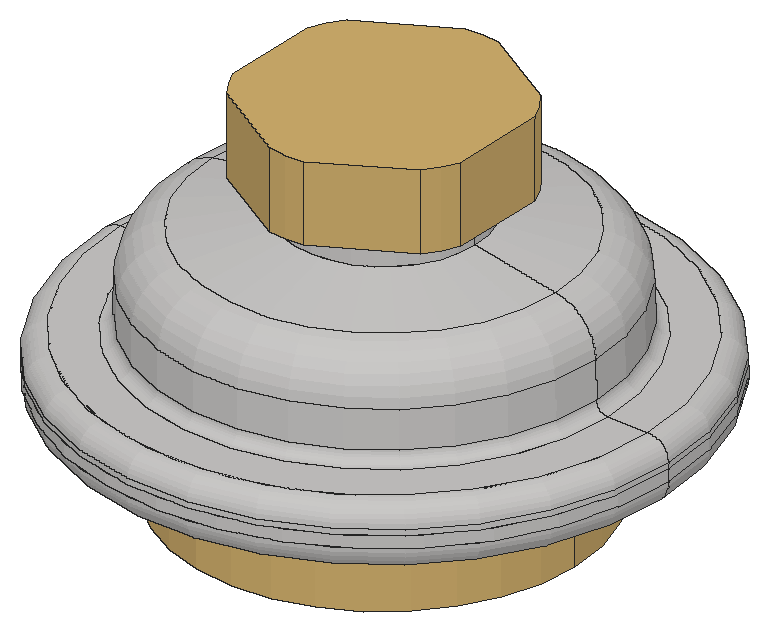
Revit family "AVQ(M) Actuator_Return_PN25_RFA", category Pipe Accessories, Revit 2019
Family settings
  Round Connector Dimension = Use Diameter
  Part Type = Normal
  OmniClass Number = 23.65.55.14.17
  OmniClass Title = Adjusting/Controlling Valves for Liquid Services
  Work Plane-Based = No
  Always vertical = Yes
  Cut with Voids When Loaded = No
  Shared = No
Parameters (values of type "AVQ(M) Actuator_Return_PN25_dP0.2 bar_003H6841")
  x [instance] = 0.5 mm
  URL = "https://store.danfoss.com/en/Climate-Solutions-for-heating/Pressure-and-Flow-Controllers/Accessories-for-pressure-and-flow-controllers/Actuators-and-adjustment-parts%2C-For-product-type%3A-AVP-F%2C-AVQ%2C-AVQM%2C-Mounting-version%3A-Return/p/003H6841"
  Nominal Pressure = "PN 25"  # constant formula
  Model Type = "AVQ(M) Actuator_Return_PN25_dP0.2 bar"  # constant formula
  Model = "003H6841"  # constant formula
  Manufacturer = "Danfoss"  # constant formula
  LOD 350 [instance] = not(LOD 200)  # yes
  LOD 200 [instance] = no
  IfcExportType = "AVQ(M)"  # constant formula
  IfcExportAs = "IfcValveType"  # constant formula
  Differential Pressure Setting = "0.2 bar"  # constant formula
  Description = "Spring Actuator"  # constant formula
  Body Material = Danfoss Stainless Steel
  Actuator size = 54.0 cm²  # constant formula
Reference planes
  plane 1 "Center (Front/Back)": y = 0
  plane 2: z = 0
  plane 3 "Center (Left/Right)": x = 0
  plane 4: z = -2.5
  plane 5: z = 30.2
  plane 6: z = -19
  plane 7: x = 135.797
  plane 8: z = -79.22
  plane 9: z = -35.009
  plane 10: through (0, 0, -35.009) normal (0.5, -0.5, -0.7071)
Forms (mm)
  Extrusion 1, solid, material "Danfoss Brass (DZR)", visible <- "LOD 350", detail levels fine
    sketch origin (0, 0, 0) x (1, 0, 0) y (0, 1, 0)
      loop
        line (21.288, 16.548) -> (3.613, 26.727)
        arc (3.613, 26.727) -> (-0.055, 27.069) -> (-3.723, 26.719) r 19.648
        line (-3.723, 26.719) -> (-21.376, 16.502)
        arc (-21.376, 16.502) -> (-23.472, 13.477) -> (-25.037, 10.145) r 22.11
        line (-25.037, 10.145) -> (-25.016, -10.251)
        arc (-25.016, -10.251) -> (-23.391, -13.549) -> (-21.341, -16.601) r 27.516
        line (-21.341, -16.601) -> (-3.666, -26.78)
        arc (-3.666, -26.78) -> (0.002, -27.069) -> (3.67, -26.772) r 23.157
        line (3.67, -26.772) -> (21.323, -16.556)
        arc (21.323, -16.556) -> (23.403, -13.521) -> (24.984, -10.198) r 23.5
        line (24.984, -10.198) -> (24.963, 10.198)
        arc (24.963, 10.198) -> (23.369, 13.514) -> (21.288, 16.548) r 24.007
    from -19 to -2.5
  Revolve 2, solid, material "Danfoss Brass (DZR)", visible <- "LOD 350", detail levels fine
    sketch origin (0, 0, 0) x (1, 0, 0) y (0, 0, 1)
      loop
        line (0, -62.2) -> (0, -80.7) -> (42, -80.7) -> (42, -69.343)
        arc (42, -69.343) -> (42.406, -67.977) -> (43.493, -67.055) r 2.5
        arc (43.493, -67.055) -> (48.397, -64.749) -> (53.179, -62.2) r 108
        line (53.179, -62.2) -> (0, -62.2)
      axis (0, -80.7) -> (0, -62.2)
    angle from 0 to 360
  Extrusion 3, solid, material "Danfoss Brass (DZR)", visible <- "LOD 200", detail levels fine
    sketch origin (0, 0, 0) x (1, 0, 0) y (0, 1, 0)
      loop
        circle (0, 0) r 27.023
    from -19 to -2.5
  Revolve 4, solid, material "Danfoss Stainless Steel" <- "Body Material", visible <- "LOD 200", detail levels fine
    sketch origin (0, 0, 0) x (1, 0, 0) y (0, 0, 1)
      loop
        line (0, -19) -> (0, -62.2) -> (58.01, -62.2) -> (58.878, -61.902)
        arc (58.878, -61.902) -> (61.568, -59.896) -> (62.592, -56.7) r 5.5
        line (62.592, -56.7) -> (62.592, -54.2) -> (62.546, -53.027)
        arc (62.546, -53.027) -> (62.2, -51.46) -> (61.325, -50.115) r 4.5
        line (61.325, -50.115) -> (43.286, -30.962)
        arc (43.286, -30.962) -> (40.762, -29.165) -> (37.825, -28.183) r 10.5
        line (37.825, -28.183) -> (20, -25.04) -> (20, -19) -> (0, -19)
      axis (0, -19) -> (0, -62.2)
    angle from 0 to 360
  Revolve 5, solid, material "Danfoss Brass (DZR)", visible <- "LOD 200", detail levels fine
    sketch origin (0, 0, 0) x (1, 0, 0) y (0, 0, 1)
      loop
        line (0, -80.7) -> (42, -80.7) -> (42, -67.699) -> (58.01, -62.2) -> (0, -62.2) -> (0, -80.7)
      axis (0, -62.2) -> (0, -80.7)
    angle from 0 to 360
  Revolve 6, solid, material "Danfoss Stainless Steel" <- "Body Material", visible <- "LOD 350", detail levels fine
    sketch origin (0, 0, 0) x (1, 0, 0) y (0, 0, 1)
      loop
        line (0, -19) -> (0, -62.2) -> (57.092, -62.2)
        arc (57.092, -62.2) -> (60.981, -60.589) -> (62.592, -56.7) r 5.5
        line (62.592, -56.7) -> (62.592, -54.2) -> (62.546, -53.027)
        arc (62.546, -53.027) -> (61.17, -49.957) -> (58.05, -48.7) r 4.5
        line (58.05, -48.7) -> (49.137, -48.7)
        arc (49.137, -48.7) -> (47.385, -47.983) -> (46.638, -46.244) r 2.5
        line (46.638, -46.244) -> (46.5, -38.34)
        arc (46.5, -38.34) -> (43.985, -31.704) -> (37.825, -28.183) r 10.5
        line (37.825, -28.183) -> (20, -25.04) -> (20, -19) -> (0, -19)
      axis (0, -62.2) -> (0, -19)
    angle from 0 to 360
Lines and regions (mm)
  reference lines
    curve 1: line (0, 0, 0) -> (-67.175, 67.175, 0)
Dimensions and locks
  locked: plane 5 to level at 30.2
  level to plane 6 = 19 mm
  aligned and locked: level to plane 2
  aligned and locked: plane 4 to Extrusion 1
  aligned and locked: Extrusion 1 to plane 6
  aligned and locked: Extrusion 3 to plane 6
  aligned and locked: plane 4 to Extrusion 3
Nested families
  nested 1: "Cmp" at (-38.792, 38.792, -62.816) x (0.5, -0.5, 0.7071) z (-0.7071, -0.7071, 0), visible <- "LOD 350", type "Cmp"
    with L 10 mm
Definition of nested family "Cmp"
  Parameters (values of type "Cmp")
    L [instance] = 10 mm
    Default Elevation = 1219.2 mm
  Reference planes
    plane 1 "Center (Front/Back)": y = 0
    plane 2: z = 0
    plane 3 "Center (Left/Right)": x = 0
    plane 4: x = 10
    plane 5: x = -9
  Forms (mm)
    Extrusion 1, solid, detail levels fine
      sketch origin (0, 0, 0) x (0, 1, 0) y (0, 0, 1)
        loop
          line (0, -9) -> (0, 9) -> (-9, 9)
          arc (-9, 9) -> (-18, 0) -> (-9, -9) r 9
          line (-9, -9) -> (0, -9)
      from 0 to 10
    Extrusion 2, solid, detail levels fine
      sketch origin (0, 0, 0) x (0, 1, 0) y (0, 0, 1)
        loop
          circle (-9, 0) r 4.5
      from 0 to -4
    Extrusion 3, solid, detail levels fine
      sketch origin (0, 0, 0) x (0, 1, 0) y (0, 0, 1)
        loop
          line (-15.996, 0) -> (-12.498, -6.059) -> (-5.502, -6.059) -> (-2.004, 0) -> (-5.502, 6.059) -> (-12.498, 6.059) -> (-15.996, 0)
      from -4 to -9
  Dimensions and locks
    "L": plane 4 to plane 3 "Center (Left/Right)"
    aligned and locked: level to plane 2
    aligned and locked: plane 4 to Extrusion 1
    aligned and locked: Extrusion 3 to plane 5
  Automatic sketch dimensions
    plane 1 "Center (Front/Back)" to Extrusion 2 sketch curve = 9 mm
    Extrusion 2 sketch curve to level = 0 mm
    Extrusion 1 sketch curve to level = 0 mm
    Extrusion 1 sketch curve to plane 1 "Center (Front/Back)" = 0 mm
    plane 1 "Center (Front/Back)" to Extrusion 1 sketch curve = 9 mm
    Extrusion 1 sketch curve to level = 9 mm
    radius of Extrusion 2 sketch curve = 4.5 mm
